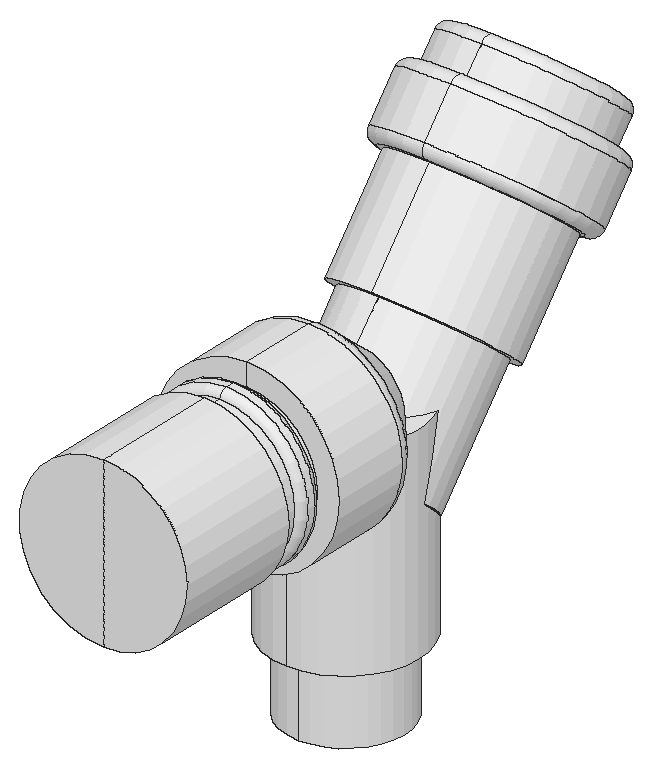
Revit family "PRD_FrankeWS_GrpVlvs_SIRIUSDevice-connectingValve_ZSIRW001", category Plumbing Fixtures, host Face, Revit 2018
Family settings
  Host = Face
  Round Connector Dimension = Use Diameter
  Part Type = Normal
  OmniClass Number = 23.45.05.14.17
  OmniClass Title = Showers
  Cut with Voids When Loaded = Yes
  Shared = Yes
  Room Calculation Point = No
Parameters (values of type "ZSIRW001")
  WorkingPressure = 0.0 Pa
  WarrantyStartDate [instance] = "1900-12-31T23:59:59"
  WarrantyGuarantorParts = "n/a"
  WarrantyGuarantorLabor = "n/a"
  WarrantyDurationUnit = "year"
  WarrantyDurationParts = "n/a"
  WarrantyDurationLabor = "n/a"
  WarrantyDescription = "n/a"
  Version = "1"
  ValvePattern = "STRAIGHT_2_PORT"
  ValveOperation = "HYDRAULIC"
  ValveMechanism = "OTHER"
  Uniclass2015Version = "Products v1.23"
  Uniclass2015Title = "Grip valves"
  Uniclass2015Code = "Pr_40_20_87_35"
  URL = "www.kwc.com"
  TestPressure = 0.0 Pa
  TagNumber [instance] = "n/a"
  SustainabilityPerformance = "n/a"
  Status = "New"
  Size = "n/a"
  ValveMaterial = PRD_AR_ChromatedBrass_HighPolished
  Shape = "n/a"
  SerialNumber [instance] = "n/a"
  Revision = "n/a"
  ReplacementCost = "n/a"
  Reference = "n/a"
  QuantityUom = "Piece"
  Quantity = "1"
  ProductInformation = "https://pim.kwc.com/product/2000101470/attachment/datasheet?locale=en"
  NominalWidth = 0.00 mm
  NominalHeight = 0.00 mm
  NominalDepth = 0.00 mm
  NetWeight = 0.41 kg
  Name = "SIRIUS Device-connecting valve ZSIRW001"
  NBSTypeID = "n/a"
  NBSReference = "n/a"
  NBSOfficeMasterTag = "n/a"
  NBSNote = "n/a"
  NBSDescription = "n/a"
  NBSCertification = "n/a"
  ModelReference = "ZSIRW001"
  ModelNumber = "2000101470"
  Model = ModelReference  # "ZSIRW001"
  Material = "n/a"
  ManufacturerURL = "www.kwc.com"
  ManufacturerName = "KWC Group AG"  # constant formula
  Manufacturer = ManufacturerName  # "KWC Group AG"
  IntegralAccessories = "n/a"
  InstallationDate [instance] = "1900-12-31T23:59:59"
  IfcExportType = "USERDEFINED"
  IfcExportAs = "IfcValveType"
  GrossWeight = 0.46 kg
  Grade = "n/a"
  FlowCoefficient = 0
  Finish = "n/a"
  Features = "screw coupling for hoses and head part G 3/4 x G 1/2 B"
  ExpectedLife = "n/a"
  DurationUnit = "year"
  DiameterNominal = 15.00 mm
  Description = "Appliance connection fitting DN 15, for wall mounting, with triangular knob, non-return valve, pipe interrupter, screw coupling for hoses and head part G 3/4 x G 1/2 B."
  Default Elevation = 2000.00 mm
  CreatedOn = "05/2022"  # constant formula
  Constituents = "n/a"
  Color = "n/a"
  CodePerformance = "n/a"
  CloseOffRating = 0.0 Pa
  Category = "Pr_40_20_87_35, Grip valves"
  BarCode [instance] = "n/a"
  BIMObjectName = "PRD_AR_GripValves_SIRIUSDevice-connectingValve_ZSIRW001"
  Author = "Archispace"  # constant formula
  AssetType = "Fixed"
  AssetIdentifier [instance] = "n/a"
  AccessibilityPerformance = "n/a"
Reference planes
  plane 1 "Center (Front/Back)": y = 0
  plane 2: z = 0
  plane 3 "Center (Left/Right)": x = 0
Forms (mm)
  Revolve 1, solid, material "PRD_AR_ChromatedBrass_HighPolished" <- "ValveMaterial"
    sketch origin (0, 0, 0) x (0, 1, 0) y (0, 0, 1)
      loop
        line (0, 0) -> (-10.478, 0) -> (-10.478, -13) -> (0, -13) -> (0, 0)
      axis (0, 0) -> (0, -13)
    angle from 0 to 360
  Revolve 2, void
    sketch origin (0, 0, 0) x (0, 1, 0) y (0, 0, 1)
      loop
        line (0, 0) -> (-10.478, 0) -> (-10.478, -13) -> (0, -13) -> (0, 0)
      axis (0, 0) -> (0, -13)
    angle from 0 to 360
  Revolve 3, solid, material "PRD_AR_ChromatedBrass_HighPolished" <- "ValveMaterial", detail levels fine
    sketch origin (0, 0, 0) x (0, 1, 0) y (0, 0, 1)
      loop
        line (0, 0) -> (0, 36.697) -> (-13.125, 36.697) -> (-13.125, 0) -> (0, 0)
      axis (0, 36.697) -> (0, 0)
    angle from 0 to 360
  Revolve 4, solid, material "PRD_AR_ChromatedBrass_HighPolished" <- "ValveMaterial", detail levels fine
    sketch origin (0, 0, 0) x (0, 1, 0) y (0, 0, 1)
      loop
        line (43.067, 72.325) -> (33.108, 80.681)
        arc (33.108, 80.681) -> (31.648, 81.142) -> (30.291, 80.435) r 2
        line (30.291, 80.435) -> (27.077, 76.604) -> (26.311, 77.247)
        arc (26.311, 77.247) -> (24.851, 77.708) -> (23.493, 77.001) r 2
        line (23.493, 77.001) -> (17.708, 70.106)
        arc (17.708, 70.106) -> (17.247, 68.646) -> (17.954, 67.289) r 2
        line (17.954, 67.289) -> (18.72, 66.646) -> (5.865, 51.325) -> (7.301, 50.12) -> (-7.968, 31.923) -> (2.086, 23.486) -> (43.067, 72.325)
      axis (2.086, 23.486) -> (43.067, 72.325)
    angle from 0 to 360
  Revolve 5, solid, material "PRD_AR_ChromatedBrass_HighPolished" <- "ValveMaterial", detail levels fine
    sketch origin (0, 0, 0) x (0, 1, 0) y (0, 0, 1)
      loop
        line (-22, 52.5) -> (-22, 48.5) -> (-24, 48.5) -> (-24, 49.5)
        arc (-24, 49.5) -> (-24.293, 50.207) -> (-25, 50.5) r 1
        line (-25, 50.5) -> (-26.5, 50.5)
        arc (-26.5, 50.5) -> (-27.479, 50.143) -> (-28, 49.24) r 1.523
        line (-28, 49.24) -> (-31.5, 49.24) -> (-31.5, 51) -> (-53.984, 51) -> (-53.984, 36) -> (4.922, 36) -> (4.922, 42.496) -> (-6.164, 51.798)
        arc (-6.164, 51.798) -> (-7.066, 52.319) -> (-8.092, 52.5) r 3
        line (-8.092, 52.5) -> (-22, 52.5)
      axis (4.922, 36) -> (-53.984, 36)
    angle from 0 to 360
  Extrusion 6, solid, material "PRD_AR_ChromatedBrass_HighPolished" <- "ValveMaterial", detail levels coarse+medium
    sketch origin (0, 0, 0) x (0, 1, 0) y (0, 0, 1)
      loop
        line (56.016, 85) -> (-53.984, 85) -> (-53.984, 0) -> (56.016, 0) -> (56.016, 85)
    from -18 to 18
Cuts and joins
  joined: Revolve 3, Revolve 4, Revolve 5
Dimensions and locks
  aligned and locked: plane 2 to host face
  aligned and locked: level to host face
Connectors
  piping at (0, 0, -13), diameter 15, driven by "DiameterNominal"
    settings: on Revolve 1, index 1, connector inside diameter 609.60 mm, connector length 0.00 mm, flow factor 0, pipe flow 0.7 L/s, pressure drop 0.0 Pa, fitting loss kfactor 0, connector angle 0.00°, fixture units 0, engagement length 0.00 mm, angle of deflection 0.00°, flow configuration 2, flow direction 1, fitting loss method 0, system type 7, joint type 0, gender type 0, connector reference index -1, connector utility 0, adjustable connector no, is connector primary yes, connector description "DN 15"
